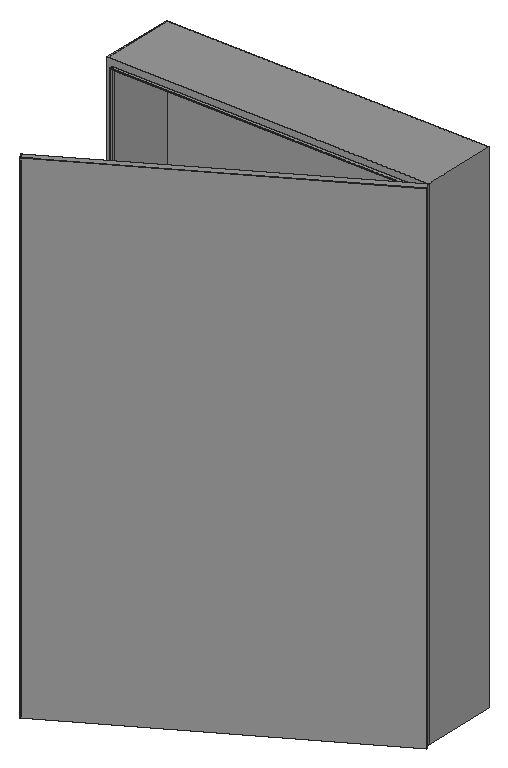
Revit family "Hager-Univers-IP44-D205-H1250-Cl.II-Encl-NoHosted-AT-de", category Equipement électrique, Revit 2020
Family settings
  Configuration du panneau = Deux colonnes, circuits au sein
  Cote de connecteur circulaire = Utiliser le diamètre
  Type d'élément = Tableau de raccordement
  Basée sur le plan de construction = Oui
  Toujours verticalement = Oui
  Couper avec des vides une fois chargée = Non
  Partagée = Non
  Point de calcul de pièce = Non
Parameters (values of type "Aufputz IP44 B800 H1250 T205  - FP83SN2")
  Width Control [instance] = if([EF000008 - Breite] > Min Width, [EF000008 - Breite], Min Width)  # 800 mm
  Commentaires du type = [HG000003 - Bereich]  # "Univers"
  Thickness Door [instance] = if([EF009171 - Materialstärke Tür/Deckel] > 3 mm, 3 mm, [EF009171 - Materialstärke Tür/Deckel])  # 1 mm
  Seal Frame Offset [instance] = 17 mm  # constant formula
  Plinth Visibility [instance] = [HG000027 - Sockelhöhe] > 0 mm  # no
  Min Width [instance] = 100 mm  # constant formula
  Min Depth [instance] = (2 * [EF009170 - Materialstärke Gehäuse]) + 1 mm  # 3 mm
  Min Height [instance] = 100 mm  # constant formula
  Internal Frame Depth [instance] = (Door System Depth * 0.5)  # 9 mm
  Panel Name [instance] = ""  # (empty or 0)
  Model = ""
  HG000027 - Sockelhöhe = 0 mm
  HG000026 - Stehend auf dem Boden = no
  HG000024 - Höhe des unteren Teils = 600 mm
  HG000023 - Gehäuse mit doppeltem Querschnitt = no
  HG000016 - 3D-Türsichtbarkeit [instance] = yes
  HG000015 - Sichtbarkeit der Türöffnung [instance] = no
  HG000014 - Tür rechts [instance] = yes
  HG000013 - Tür links [instance] = not([HG000014 - Tür rechts])  # no
  HG000012 - Türschwenkwinkel [instance] = 30.00°
  HG000010 - Asymmetrische Türen = no
  HG000009 - Doppelflügeligen Tür = no
  HG000006 - Unterputz = no
  HG000004 - Herstellerreferenz = "FP83SN2"
  HG000003 - Bereich = "Univers"
  HG000002 - Mit tür = yes
  Frame Offset Bottom [instance] = 10 mm  # constant formula
  Frame Offset [instance] = 15 mm  # constant formula
  EF015940 - Deckel mit Überdruckentlastung = no
  EF011959 - Schutzart (NEMA) = ""
  EF009554 - Anzahl der Öffnungen für Flanschplatten = 6
  EF009212 - Ausführung Deckel = "EV000116 - geschlossen"
  EF009171 - Materialstärke Tür/Deckel = 1 mm
  EF009170 - Materialstärke Gehäuse = 1 mm
  EF008873 - Nennstrom (In) = 250 A
  EF007800 - Geeignet für Blitzschutz = no
  EF006306 - Mit Schloss = no
  EF006244 - Transparenter Deckel/Tür = no
  EF005474 - Schutzart (IP) = "EV006418 - IP44"
  EF004464 - Art der Tür = "EV002646 - Einzel"
  EF004427 - Anzahl der Module = 288
  EF004293 - Schlagfestigkeit = "EV006815 - IK09"
  EF003532 - Geeignet für Außengebrauch = no
  EF002950 - Breite in Teilungseinheiten = 36
  EF001613 - Funktionserhalt = "EV000494 - ohne"
  EF001596 - Werkstoff des Gehäuses = "EV000179 - Stahl"
  EF001131 - Innentiefe = 130 mm
  EF001088 - Anbaumöglichkeit = yes
  EF000437 - Anzahl der Leitungseinführungen = 6
  EF000339 - Art der Abdeckung = "EV004216 - Tür"
  EF000266 - Anzahl der Reihen = 8
  EF000218 - Einbautiefe = 205 mm
  EF000118 - Mit Montageplatte = no
  EF000116 - RAL-Nummer = "9010"
  EF000049 - Tiefe = 205 mm
  EF000040 - Höhe = 1250 mm
  EF000008 - Breite = 800 mm
  EF000007 - Farbe = "EV000202 - weiß"
  EF000003 - Montageart = "EV000384 - Aufputz"
  Door System Leaf Tolerance [instance] = 1.5 mm  # constant formula
  Door System Depth [instance] = 18 mm  # constant formula
  Door Height [instance] = Height Control - [HG000027 - Sockelhöhe]  # 1250 mm
  Description = ""
  Default Elevation = 1219.2 mm
  Connector Offset [instance] = Height Control / 2  # 625 mm
  Fabricant = "Hager"  # constant formula
  Height Control [instance] = if([EF000040 - Höhe] > Min Height, [EF000040 - Höhe], Min Height)  # 1250 mm
  Depth Control [instance] = if([EF000049 - Tiefe] > Min Depth, [EF000049 - Tiefe], Min Depth)  # 205 mm
  Bottom Top Plate Trim [instance] = 1.5 mm  # constant formula
  Plinth height Ctrl [instance] = if([HG000027 - Sockelhöhe] > 0 mm, [HG000027 - Sockelhöhe], 12 mm)  # 12 mm
Types (5, lengths in mm): name | Width Control | HG000010 - Asymmetrische Türen | HG000009 - Doppelflügeligen Tür | HG000004 - Herstellerreferenz | EF009554 - Anzahl der Öffnungen für Flanschplatten | EF004464 - Art der Tür | EF004427 - Anzahl der Module | EF002950 - Breite in Teilungseinheiten | EF001131 - Innentiefe | EF000437 - Anzahl der Leitungseinführungen | EF000339 - Art der Abdeckung | EF000008 - Breite
  Aufputz IP44 B1050 H1250 T205  - FP84SN2 | 1050 | no | yes | "FP84SN2" | 8 | "EV003602 - Doppel" | 384 | 48 | 130 | 8 | "EV004216 - Tür" | 1050
  Aufputz IP44 B1300 H1250 T205  - FP85SN2 | 1300 | yes | yes | "FP85SN2" | 10 | "EV003602 - Doppel" | 480 | 60 | 130 | 10 | "EV004216 - Tür" | 1300
  Aufputz IP44 B300 H1250 T205  - FP81SN2 | 300 | no | no | "FP81SN2" | 2 | "EV002646 - Einzel" | 96 | 12 | 143 | 2 | "EV001012 - Deckel" | 300
  Aufputz IP44 B550 H1250 T205  - FP82SN2 | 550 | no | no | "FP82SN2" | 4 | "EV002646 - Einzel" | 192 | 24 | 143 | 4 | "EV001012 - Deckel" | 550
  Aufputz IP44 B800 H1250 T205  - FP83SN2 | 800 | no | no | "FP83SN2" | 6 | "EV002646 - Einzel" | 288 | 36 | 130 | 6 | "EV004216 - Tür" | 800
Reference planes
  plane 1 "Center (Front/Back)": y = 0
  plane 2: z = 0
  plane 3 "Center (Left/Right)": x = 0
  plane 4: y = 0
  plane 5: y = 0
  plane 6: z = 0
  plane 7: x = -400
  plane 8: x = 400
  plane 9: x = 399
  plane 10: x = -399
  plane 11: z = 0
  plane 12: z = 1
  plane 13: y = -205
  plane 14: y = -1
  plane 15: x = 0
  plane 16: y = -187
  plane 17: y = -204
  plane 18: y = -186
  plane 19: x = -384
  plane 20: x = 384
  plane 21: z = 11
  plane 22: x = -383
  plane 23: x = 383
  plane 24: z = 0
  plane 25: z = 1250
  plane 26: z = 1250
  plane 27: z = 1234
  plane 28: z = 1249
Forms (mm)
  Extrusion 1, solid, material "Hager_Steel_RAL7035_Light_Grey", detail levels medium+fine
    sketch origin (-208.679, -4572, 0) x (-1, 0, 0) y (0, -1, 0)
      loop
        line (191.321, -4385) -> (-608.679, -4385) -> (-608.679, -4572) -> (191.321, -4572) -> (191.321, -4385)
    from 0 to 1250
  Extrusion 2, void
    sketch origin (-350.771, -205, 1219.2) x (1, 0, 0) y (0, 0, 1)
      loop
        line (-48.229, 29.8) -> (-48.229, -1218.2) -> (749.771, -1218.2) -> (749.771, 29.8) -> (-48.229, 29.8)
    from -19 to -204
  Extrusion 3, void
    sketch origin (-290.084, -187, 1219.2) x (1, 0, 0) y (0, 0, 1)
      loop
        line (-93.916, -1208.2) -> (674.084, -1208.2) -> (674.084, 14.8) -> (-93.916, 14.8) -> (-93.916, -1208.2)
    from 0 to -1
  Extrusion 4, solid, material "Hager_Steel_RAL7035_Light_Grey", visible <- "Plinth Visibility", detail levels medium+fine
    sketch origin (0, 0, 0) x (1, 0, 0) y (0, 1, 0)
      loop
        line (-400, 0) -> (-400, -187) -> (400, -187) -> (400, 0) -> (-400, 0)
    from 0 to 12 <- "Plinth height Ctrl"
  Extrusion 5, solid, material "Hager_Steel_RAL7035_Light_Grey", detail levels coarse
    sketch origin (0, 0, 0) x (1, 0, 0) y (0, 1, 0)
      loop
        line (-400, 0) -> (-400, -205) -> (400, -205) -> (400, 0) -> (-400, 0)
    from 0 to 1250 <- "Height Control"
  Sweep 6, void
    path in 3D
      loop
        line (-400, -187, 12) -> (400, -187, 12) -> (400, 0, 12) -> (-400, 0, 12) -> (-400, -187, 12)
    profile origin (-400, -93.5, 12) x (1, 0, 0) y (0, 0, 1)
      loop
        line (0, 0) -> (0, -1.5) -> (1.5, -1.5)
        arc (1.5, -1.5) -> (1.061, -0.439) -> (0, 0) r 1.5
  Extrusion 7, solid, material "Hager_Steel_RAL7035_Light_Grey", detail levels fine
    sketch origin (-400, -187, 0) x (1, 0, 0) y (0, 0, 1)
      loop
        line (16, 11) -> (784, 11) -> (784, 1234) -> (16, 1234) -> (16, 11)
      loop
        line (15, 10) -> (785, 10) -> (785, 1235) -> (15, 1235) -> (15, 10)
    from 0 to 9 <- "Internal Frame Depth"
Cuts and joins
  Extrusion 2, Extrusion 3 cuts Extrusion 1
  Sweep 6 cuts Extrusion 4
Lines and regions (mm)
  Masking region 1
    outline origin (0, 0, 0) x (1, 0, 0) y (0, 1, 0)
      loop
        line (-400, 0) -> (-400, -205) -> (400, -205) -> (400, 0) -> (-400, 0)
  Masking region 2, detail levels coarse
    outline origin (-290.084, -187, 1219.2) x (-1, 0, 0) y (0, 0, 1)
      loop
        line (-690.084, -1219.2) -> (109.916, -1219.2) -> (109.916, 30.8) -> (-690.084, 30.8) -> (-690.084, -1219.2)
  Masking region 3, detail levels coarse
    outline origin (0, 0, 0) x (0, 1, 0) y (0, 0, 1)
      loop
        line (0, 0) -> (0, 1250) -> (-205, 1250) -> (-205, 0) -> (0, 0)
  Masking region 4, visible <- "Plinth Visibility", detail levels medium+fine
    outline origin (0, 0, 0) x (0, 1, 0) y (0, 0, 1)
      loop
        line (-1.5, 12) -> (-185.5, 12)
        arc (-185.5, 12) -> (-185.939, 10.939) -> (-187, 10.5) r 1.5
        line (-187, 10.5) -> (-187, 0) -> (0, 0) -> (0, 10.5)
        arc (0, 10.5) -> (-1.061, 10.939) -> (-1.5, 12) r 1.5
  Masking region 5, detail levels medium+fine
    outline origin (0, 0, 594.038) x (0, 1, 0) y (0, 0, 1)
      loop
        line (0, -594.038) -> (0, 655.962) -> (-187, 655.962) -> (-187, -594.038) -> (0, -594.038)
  Masking region 6, detail levels medium+fine
    outline origin (-359.7, -187, 1211.883) x (-1, 0, 0) y (0, 0, 1)
      loop
        line (-759.7, -1211.883) -> (40.3, -1211.883) -> (40.3, 38.117) -> (-759.7, 38.117) -> (-759.7, -1211.883)
  Masking region 7, visible <- "Plinth Visibility", detail levels medium+fine
    outline origin (-320.334, -187, 1041.368) x (-1, 0, 0) y (0, 0, 1)
      loop
        line (-720.334, -1041.368) -> (79.666, -1041.368) -> (79.666, -1030.868)
        arc (79.666, -1030.868) -> (78.606, -1030.429) -> (78.166, -1029.368) r 1.5
        line (78.166, -1029.368) -> (-718.834, -1029.368)
        arc (-718.834, -1029.368) -> (-719.273, -1030.429) -> (-720.334, -1030.868) r 1.5
        line (-720.334, -1030.868) -> (-720.334, -1041.368)
  sketch lines
    curve 1: line (-400, 0, 12) -> (-400, -187, 12)
    curve 2: line (-400, -187, 12) -> (400, -187, 12)
    curve 3: line (400, 0, 12) -> (-400, 0, 12)
    curve 4: line (400, -187, 12) -> (400, 0, 12)
Dimensions and locks
  locked: plane 1 "Center (Front/Back)" to plane 5
  "EF009170 - Materialstärke Gehäuse": plane 7 to plane 10
  "EF009170 - Materialstärke Gehäuse": plane 8 to plane 9
  equal spacing: plane 7, plane 3 "Center (Left/Right)", plane 8
  "Width Control": plane 7 to plane 8
  "Depth Control": plane 4 to plane 13
  "EF009170 - Materialstärke Gehäuse": plane 4 to plane 14
  "Height Control": plane 25 to level
  "HG000027 - Sockelhöhe": plane 11 to level
  "EF009170 - Materialstärke Gehäuse": plane 12 to plane 11
  "EF009170 - Materialstärke Gehäuse": plane 17 to plane 13
  "EF009170 - Materialstärke Gehäuse": plane 18 to plane 16
  "Frame Offset Bottom": plane 21 to plane 12
  "Frame Offset": plane 10 to plane 19
  "Frame Offset": plane 9 to plane 20
  "Door System Depth": plane 16 to plane 13
  "Seal Frame Offset": plane 7 to plane 22
  "Seal Frame Offset": plane 8 to plane 23
  "EF009170 - Materialstärke Gehäuse": plane 26 to plane 28
  "Frame Offset": plane 28 to plane 27
  "Connector Offset": plane 2 to connector elem
  "Bottom Top Plate Trim": profile plane to Sweep 6 sketch curve
  "Bottom Top Plate Trim": Sweep 6 sketch curve to Sweep 6 sketch curve
  "Plinth height Ctrl": Masking region 4 sketch curve to level
  "Plinth height Ctrl": Masking region 7 sketch curve to level
  "Thickness Door": Extrusion 7 sketch curve to Extrusion 7 sketch curve  (x4)
  "Bottom Top Plate Trim": radius of Sweep 6 sketch curve
  "Bottom Top Plate Trim": radius of Masking region 4 sketch curve  (x2)
  "Bottom Top Plate Trim": radius of Masking region 7 sketch curve  (x2)
  aligned and locked: Extrusion 2 sketch curve to plane 12
  aligned and locked: Extrusion 2 sketch curve to plane 9
  aligned and locked: Extrusion 2 sketch curve to plane 10
  aligned and locked: Extrusion 2 to plane 14
  aligned and locked: Extrusion 1 sketch curve to plane 4
  aligned and locked: plane 8 to Extrusion 1 sketch curve
  aligned and locked: plane 7 to Extrusion 1 sketch curve
  aligned and locked: Extrusion 2 to plane 18
  aligned and locked: Extrusion 3 sketch curve to plane 19
  aligned and locked: plane 20 to Extrusion 3 sketch curve
  aligned and locked: Extrusion 3 to Extrusion 2
  aligned and locked: Extrusion 3 sketch curve to plane 21
  aligned and locked: plane 3 "Center (Left/Right)" to nested 1
  aligned and locked: Extrusion 1 sketch curve to plane 16
  aligned and locked: Extrusion 4 sketch curve to cut or joined group of Extrusion 1, Extrusion 2, Extrusion 3
  aligned and locked: Masking region 1 sketch curve to plane 7
  aligned and locked: Masking region 1 sketch curve to plane 5
  aligned and locked: Masking region 1 sketch curve to plane 8
  aligned and locked: Masking region 2 sketch curve to level
  aligned and locked: level to Masking region 3 sketch curve
  aligned and locked: plane 1 "Center (Front/Back)" to Masking region 3 sketch curve
  aligned and locked: plane 13 to Masking region 3 sketch curve
  aligned and locked: plane 5 to Masking region 4 sketch curve
  aligned and locked: Masking region 2 sketch curve to plane 8
  aligned and locked: Masking region 2 sketch curve to plane 7
  aligned and locked: plane 7 to nested 2
  aligned and locked: nested 2 to plane 5
  aligned and locked: plane 5 to Masking region 5 sketch curve
  aligned and locked: plane 26 to Masking region 5 sketch curve
  aligned and locked: Extrusion 5 sketch curve to plane 8
  aligned and locked: Extrusion 5 sketch curve to plane 7
  aligned and locked: Extrusion 5 sketch curve to plane 5
  aligned and locked: Extrusion 3 sketch curve to plane 27
  aligned and locked: Extrusion 2 sketch curve to plane 28
  aligned and locked: Masking region 2 to plane 25
  aligned and locked: Extrusion 4 to plane 16
  aligned and locked: profile plane to Sweep 6 sketch curve
  aligned and locked: Masking region 5 sketch curve to plane 24
  aligned and locked: level to Masking region 4 sketch curve
  aligned and locked: Masking region 1 to plane 13
  aligned and locked: nested 1 to plane 16
  aligned and locked: Masking region 3 to plane 25
  aligned and locked: plane 16 to Masking region 4 sketch curve
  aligned and locked: Masking region 5 sketch curve to plane 16
  aligned and locked: plane 24 to plane 11
  aligned and locked: plane 26 to plane 25
  aligned and locked: plane 26 to cut or joined group of Extrusion 1, Extrusion 2, Extrusion 3
  aligned and locked: nested 1 to plane 24
  aligned and locked: Extrusion 1 to Extrusion 3
  aligned and locked: Masking region 6 sketch curve to plane 8
  aligned and locked: Masking region 6 sketch curve to plane 24
  aligned and locked: Masking region 6 sketch curve to plane 7
  aligned and locked: Masking region 6 sketch curve to plane 26
  aligned and locked: Masking region 7 sketch curve to plane 7
  aligned and locked: level to Masking region 7 sketch curve
  aligned and locked: Masking region 7 sketch curve to plane 8
  aligned and locked: Extrusion 7 sketch curve to cut or joined group of Extrusion 1, Extrusion 2, Extrusion 3  (x4)
Automatic sketch dimensions
  plane 19 to Extrusion 3 sketch curve = 0 mm
  Extrusion 3 sketch curve to plane 20 = 0 mm
  Extrusion 3 sketch curve to plane 21 = 0 mm
  Extrusion 4 sketch curve to plane 7 = 0 mm
  Extrusion 4 sketch curve to plane 8 = 0 mm
  Extrusion 4 sketch curve to plane 16 = 0 mm
  Masking region 1 sketch curve to plane 13 = 0 mm
  Masking region 2 sketch curve to plane 25 = 0 mm
  Masking region 3 sketch curve to plane 25 = 0 mm
  Extrusion 5 sketch curve to plane 13 = 0 mm
  profile plane to Sweep 6 sketch curve = 0 mm
Nested families
  nested 1: "EC000058_Univers_Door" at (0, -187, 0), Double <- "HG000009 - Doppelflügeligen Tür", Transparent <- "EF006244 - Transparenter Deckel/Tür", Angle <- "HG000012 - Türschwenkwinkel", Door_Right <- "HG000014 - Tür rechts", Assymetrical <- "HG000010 - Asymmetrische Türen", Door <- "HG000002 - Mit tür", Width_Ctrl <- "Width Control", 3d_Door <- "HG000016 - 3D-Türsichtbarkeit", Clearance <- "HG000015 - Sichtbarkeit der Türöffnung", Door_Left <- "HG000013 - Tür links", Width <- "Width Control", Door_Depth <- "Door System Depth", Leaf_Tolerance <- "Door System Leaf Tolerance", Height <- "Door Height", Lock_Visibility <- "EF006306 - Mit Schloss", Thickness <- "Thickness Door", type "EC000058_Univers_Door", detail levels medium+fine
    with min_wh 3 mm, Width_Ctrl 800 mm, Width 800 mm, Transparent no, Thickness 1 mm, Seal_Material Hager_Rubber, Lock_Visibility no, Lock_Material Hager_Plastic_RAL9005_Jet_Black, Leaf_Width 800 mm, Leaf_Tolerance_External_Sides 0 mm, Leaf_Tolerance 1.5 mm, Leaf_Offset 0 mm, Leaf_Height 1247 mm, Leaf_2_Width 800 mm, Leaf_2_Offset 400 mm, Leaf_1_Width 800 mm, Leaf_1_Offset 400 mm, Height_Ctrl 1250 mm, Height 1250 mm, Glass_Material Hager_Glass, Double_Clearance_Ctrl no, Double no, Door_Right_Ctrl yes, Door_Right yes, Door_Material Hager_Steel_RAL7035_Light_Grey, Door_Left_Ctrl no, Door_Left no, Door_Depth 18 mm, Door yes, Clearance_Material Hager_Clearance, Clearance_Depth 800 mm, Clearance_Ctrl no, Clearance no, Assymetrical no, Angle 30.00°, 3d_Door yes
  nested 2: "Hager_Enclosure_Symbol" at (-400, 0, 0), Height <- "Depth Control", Width <- "Width Control", type "Hager_Enclosure_Symbol"
    with Width_Ctrl 800 mm, Width 800 mm, Height_Ctrl 205 mm, Height 205 mm, A_Width_Int 13.453 mm, A_Width 161.438 mm, A_Height_Ctrl 179.375 mm, A_Height 179.375 mm
Connectors
  electrical at (0, 0, 625)
    settings: on plane 1 "Center (Front/Back)", index 1, voltage 0 V, apparent load 0 VA, apparent load phase1 0 VA, apparent load phase2 0 VA, apparent load phase3 0 VA, power factor 1, load classification "Other", number of poles 1, system type 30, power factor state 1, is connector primary yes, connector utility no, sub classification motor no, connector description ""
Definition of nested family "EC000058_Univers_Door"
  Parameters (values of type "EC000058_Univers_Door")
    min_wh [instance] = (2 * Thickness) + 1 mm  # 11 mm
    Width_Ctrl [instance] = 400 mm
    Width [instance] = 500 mm
    Transparent [instance] = yes
    Thickness [instance] = 5 mm
    Seal_Material [instance] = none
    Lock_Visibility [instance] = yes
    Lock_Material [instance] = none
    Leaf_Width [instance] = if((Width_Ctrl - 2 * Leaf_Tolerance_External_Sides) > 0 mm, (Width_Ctrl - 2 * Leaf_Tolerance_External_Sides), min_wh)  # 400 mm
    Leaf_Tolerance_External_Sides [instance] = 0 mm  # constant formula
    Leaf_Tolerance [instance] = 1.5 mm
    Leaf_Offset [instance] = 0 mm  # constant formula
    Leaf_Height [instance] = if((Height_Ctrl - 2 * Leaf_Tolerance) > 0 mm, (Height_Ctrl - 2 * Leaf_Tolerance), min_wh)  # 497 mm
    Leaf_2_Width [instance] = if(and(and(Double, Assymetrical), Door_Left), (Leaf_Width / 3) - (Leaf_Tolerance / 2), if(and(and(Double, Assymetrical), Door_Right), (Leaf_Width / 3) * 2 - (Leaf_Tolerance / 2), if(and(Double, not(Assymetrical)), (Leaf_Width / 2) - Leaf_Tolerance, Leaf_Width)))  # 400 mm
    Leaf_2_Offset [instance] = if(and(Double, Assymetrical), Leaf_2_Width / 2, if(and(Double, not(Assymetrical)), Leaf_Width / 4, Leaf_Width / 2))  # 200 mm
    Leaf_1_Width [instance] = if(and(and(Double, Assymetrical), Door_Right), (Leaf_Width / 3) - (Leaf_Tolerance / 2), if(and(and(Double, Assymetrical), Door_Left), (Width / 3) * 2 - (Leaf_Tolerance / 2), if(and(Double, not(Assymetrical)), (Leaf_Width / 2) - Leaf_Tolerance, Leaf_Width)))  # 400 mm
    Leaf_1_Offset [instance] = if(and(Double, Assymetrical), Leaf_1_Width / 2, if(and(Double, not(Assymetrical)), Leaf_Width / 4, Leaf_Width / 2))  # 200 mm
    Height_Ctrl [instance] = if(Height > min_wh, Height, min_wh)  # 500 mm
    Height [instance] = 500 mm
    Glass_Material [instance] = none
    Double_Clearance_Ctrl [instance] = and(Double, Clearance)  # no
    Double [instance] = no
    Door_Right_Ctrl [instance] = and(or(Door_Right, Double), Door)  # yes
    Door_Right [instance] = yes
    Door_Material [instance] = none
    Door_Left_Ctrl [instance] = and(or(Door_Left, Double), Door)  # no
    Door_Left [instance] = no
    Door_Depth [instance] = 30 mm
    Door [instance] = yes
    Default Elevation = 1219.2 mm
    Clearance_Material [instance] = none
    Clearance_Depth [instance] = if(Leaf_1_Width > Leaf_2_Width, Leaf_1_Width, Leaf_2_Width)  # 400 mm
    Clearance_Ctrl [instance] = and(not(Double), Clearance)  # yes
    Clearance [instance] = yes
    Assymetrical [instance] = yes
    Angle [instance] = 30.00°
    3d_Door [instance] = yes
  Reference planes
    plane 1 "Center (Front/Back)": y = 0
    plane 2 "Bottom": z = 0
    plane 3 "Center (Left/Right)": x = 0
    plane 4: z = 500
    plane 5: x = -200
    plane 6: x = 200
    plane 7: z = 500
    plane 8: x = -200
    plane 9: z = 0
    plane 10: x = 200
    plane 11: y = 0
    plane 12: z = 1.5
    plane 13: x = -600
    plane 14: y = -400
    plane 15: x = 600
    plane 16: x = 0
    plane 17: x = 0
    plane 18: x = -200
    plane 19: x = 200
    plane 20: z = 498.5
  Forms (mm)
    Extrusion 1, solid, material <- "Clearance_Material", visible <- "Double_Clearance_Ctrl"
      sketch origin (1200, 0, 0) x (1, 0, 0) y (0, 0, -1)
        loop
          line (-1800, -498.5) -> (-600, -498.5) -> (-600, 0) -> (-1800, 0) -> (-1800, -498.5)
      from 0 to -400
  Dimensions and locks
    equal spacing: plane 5, plane 3 "Center (Left/Right)", plane 6
    "Width_Ctrl": plane 5 to plane 6
    "Leaf_Offset": plane 5 to plane 8
    "Leaf_Offset": plane 6 to plane 10
    "Leaf_Offset": plane 9 to level
    "Leaf_Offset": plane 4 to plane 7
    "Height_Ctrl": plane 4 to level
    "Leaf_Tolerance": plane 12 to plane 9
    locked: plane 11 to plane 1 "Center (Front/Back)"
    "Leaf_1_Offset": plane 18 to plane 16
    "Leaf_2_Offset": plane 17 to plane 19
    "Leaf_1_Width": plane 13 to plane 8
    "Leaf_2_Width": plane 10 to plane 15
    "Clearance_Depth": plane 14 to plane 1 "Center (Front/Back)"
    "Leaf_Tolerance_External_Sides": plane 8 to plane 18
    "Leaf_Tolerance_External_Sides": plane 19 to plane 10
    "Leaf_Tolerance": plane 7 to plane 20
    aligned and locked: level to plane 2 "Bottom"
    aligned and locked: nested 1 to plane 16
    aligned and locked: nested 2 to plane 17
    aligned and locked: Extrusion 1 to plane 13
    aligned and locked: plane 15 to Extrusion 1
    aligned and locked: Extrusion 1 to plane 14
    aligned and locked: plane 12 to nested 1
    aligned and locked: nested 2 to plane 12
    aligned and locked: Extrusion 1 to plane 11
    aligned and locked: plane 20 to Extrusion 1
    aligned and locked: nested 2 to plane 11
    aligned and locked: nested 1 to plane 11
  Automatic sketch dimensions
    Extrusion 1 sketch curve to level = 0 mm
    plane 5 to Extrusion 1 sketch curve = 400 mm
    plane 6 to Extrusion 1 sketch curve = 400 mm
    Extrusion 1 sketch curve to plane 4 = 1.5 mm
  Nested families
    nested 1: "EC000058_Univers_Door_Leaf" at (0, 0, 1.5), Width <- "Leaf_1_Width", visible <- "Door_Left_Ctrl", Leaf_Height <- "Leaf_Height", Angle <- "Angle", 3d_Door <- "3d_Door", Transparent <- "Transparent", Clearance Material <- "Clearance_Material", Clearance <- "Clearance_Ctrl", Door_Material <- "Door_Material", Glass_Material <- "Glass_Material", Door_Depth <- "Door_Depth", Lock_Material <- "Lock_Material", Seal_Material <- "Seal_Material", Lock_Visibility <- "Lock_Visibility", Thickness <- "Thickness", type "EC000058_Univers_Door_Leaf"
      with Width 400 mm, Transparent_Glass_Offset 30 mm, Transparent_Ctrl yes, Transparent yes, Thickness 5 mm, Standard no, Seal_Material none, Seal_D2 8 mm, Seal_D1 1 mm, Offset_Internal_Frame 10 mm, Lock_Width 20 mm, Lock_Visibility_3d yes, Lock_Visibility yes, Lock_Thickness_3 3 mm, Lock_Thickness_2 1 mm, Lock_Thickness_1 3 mm, Lock_Radius_Offset_2 16 mm, Lock_Radius_Offset_1 15 mm, Lock_Radius_2 5 mm, Lock_Radius 6 mm, Lock_Offset 5 mm, Lock_Material none, Lock_Height 80 mm, Lock_Cover_Top_Offset_2d 17 mm, Lock_Cover_Height -65 mm, Leaf_Height 497 mm, Internal_Seal_Thickness 8 mm, Internal_Seal_Depth_2 4.5 mm, Internal_Frame_Depth 25 mm, Glass_Thickness -1 mm, Glass_Offset -2 mm, Glass_Material none, Door_Material none, Door_Depth 30 mm, Clearance Material none, Clearance yes, Angle_Ctrl 30.00°, Angle 30.00°, 3d_Door yes
    nested 2: "EC000058_Univers_Door_Leaf" at (0, 0, 1.5) x (-1, 0, 0) z (0, 0, 1), Width <- "Leaf_2_Width", visible <- "Door_Right_Ctrl", Leaf_Height <- "Leaf_Height", Angle <- "Angle", 3d_Door <- "3d_Door", Transparent <- "Transparent", Clearance Material <- "Clearance_Material", Clearance <- "Clearance_Ctrl", Door_Material <- "Door_Material", Glass_Material <- "Glass_Material", Door_Depth <- "Door_Depth", Lock_Material <- "Lock_Material", Seal_Material <- "Seal_Material", Lock_Visibility <- "Lock_Visibility", Thickness <- "Thickness", type "EC000058_Univers_Door_Leaf"
      with Width 400 mm, Transparent_Glass_Offset 30 mm, Transparent_Ctrl yes, Transparent yes, Thickness 5 mm, Standard no, Seal_Material none, Seal_D2 8 mm, Seal_D1 1 mm, Offset_Internal_Frame 10 mm, Lock_Width 20 mm, Lock_Visibility_3d yes, Lock_Visibility yes, Lock_Thickness_3 3 mm, Lock_Thickness_2 1 mm, Lock_Thickness_1 3 mm, Lock_Radius_Offset_2 16 mm, Lock_Radius_Offset_1 15 mm, Lock_Radius_2 5 mm, Lock_Radius 6 mm, Lock_Offset 5 mm, Lock_Material none, Lock_Height 80 mm, Lock_Cover_Top_Offset_2d 17 mm, Lock_Cover_Height -65 mm, Leaf_Height 497 mm, Internal_Seal_Thickness 8 mm, Internal_Seal_Depth_2 4.5 mm, Internal_Frame_Depth 25 mm, Glass_Thickness -1 mm, Glass_Offset -2 mm, Glass_Material none, Door_Material none, Door_Depth 30 mm, Clearance Material none, Clearance yes, Angle_Ctrl 30.00°, Angle 30.00°, 3d_Door yes
  Definition of nested family "EC000058_Univers_Door_Leaf"
    Parameters (values of type "EC000058_Univers_Door_Leaf")
      Width [instance] = 2000 mm
      Transparent_Glass_Offset [instance] = 30 mm
      Transparent_Ctrl [instance] = and(Transparent, [3d_Door])  # yes
      Transparent [instance] = yes
      Thickness [instance] = 5 mm
      Standard [instance] = and(not(Transparent), [3d_Door])  # no
      Seal_Material [instance] = none
      Seal_D2 [instance] = 8 mm  # constant formula
      Seal_D1 [instance] = 1 mm  # constant formula
      Offset_Internal_Frame [instance] = 10 mm  # constant formula
      Lock_Width [instance] = 20 mm  # constant formula
      Lock_Visibility_3d [instance] = and(Lock_Visibility, [3d_Door])  # yes
      Lock_Visibility [instance] = yes
      Lock_Thickness_3 [instance] = 3 mm  # constant formula
      Lock_Thickness_2 [instance] = 1 mm  # constant formula
      Lock_Thickness_1 [instance] = 3 mm  # constant formula
      Lock_Radius_Offset_2 [instance] = Lock_Radius_Offset_1 + 1 mm  # 16 mm
      Lock_Radius_Offset_1 [instance] = 15 mm  # constant formula
      Lock_Radius_2 [instance] = Lock_Radius - 1 mm  # 5 mm
      Lock_Radius [instance] = 6 mm  # constant formula
      Lock_Offset [instance] = 5 mm  # constant formula
      Lock_Material [instance] = none
      Lock_Height [instance] = 80 mm  # constant formula
      Lock_Cover_Top_Offset_2d [instance] = Lock_Radius_Offset_2 + 1 mm  # 17 mm
      Lock_Cover_Height [instance] = -(Lock_Height - Lock_Radius_Offset_1)  # -65 mm
      Leaf_Height [instance] = 2720.336 mm
      Internal_Seal_Thickness [instance] = 8 mm  # constant formula
      Internal_Seal_Depth_2 [instance] = 4.5 mm  # constant formula
      Internal_Frame_Depth [instance] = if(Door_Depth - Thickness > 5 mm, Door_Depth - Thickness, 5 mm)  # 25 mm
      Glass_Thickness [instance] = if(Thickness > 15 mm, Glass_Offset + 10 mm, -1 mm)  # -1 mm
      Glass_Offset [instance] = if(Thickness > 15 mm, -(Thickness + 10 mm) / 2, -2 mm)  # -2 mm
      Glass_Material [instance] = none
      Door_Material [instance] = none
      Door_Depth [instance] = 30 mm
      Default Elevation = 0 mm
      Clearance Material [instance] = none
      Clearance [instance] = yes
      Angle_Ctrl [instance] = if(Angle > 180.00°, 180.00°, Angle)  # 90.00°
      Angle [instance] = 90.00°
      3d_Door [instance] = yes
    Reference planes
      plane 1 "Center (Front/Back)": y = 0
      plane 2: z = 0
      plane 3 "Center (Left/Right)": x = 0
      plane 4: y = 2000
      plane 5: x = -1000
      plane 6: x = 1000
      plane 7: x = -3000
      plane 8: z = 2720.336
      plane 9: z = 30
      plane 10: z = 2690.336
      plane 11: x = 970
      plane 12: x = -970
      plane 13: y = -3
      plane 14: z = 107.833
      plane 15: y = -5
      plane 16: y = -223.314
      plane 17: x = -1000
      plane 18: z = 1360.168
      plane 19: y = 30
    Forms (mm)
      Extrusion 1, solid, material <- "Clearance Material", visible <- "Clearance"
        sketch origin (0, 0, 0) x (1, 0, 0) y (0, 0, 1)
          loop
            line (-3000, 2720.336) -> (-3000, 0) -> (1000, 0) -> (1000, 2720.336) -> (-3000, 2720.336)
        from 0 to -2000
      Extrusion 2, solid, material <- "Door_Material", visible <- "Standard", detail levels medium+fine
        sketch origin (-1000, 0, 0) x (0, 1, 0) y (-1, 0, 0)
          loop
            line (0, 30) -> (0, 25) -> (2000, 25) -> (2000, 30) -> (0, 30)
        from 0 to 2720.336 <- "Leaf_Height"
      Extrusion 3, solid, material <- "Door_Material", visible <- "Transparent_Ctrl", detail levels medium+fine
        sketch origin (-1000, 0, 0) x (0, 1, 0) y (-1, 0, 0)
          loop
            line (0, 25) -> (2000, 25) -> (2000, 30) -> (0, 30) -> (0, 25)
        from 0 to 2720.336 <- "Leaf_Height"
      Extrusion 4, void
        sketch origin (-1025, 2000, 0) x (0, 1, 0) y (0, 0, -1)
          loop
            line (-30, -2690.336) -> (-30, -30) -> (-1970, -30) -> (-1970, -2690.336) -> (-30, -2690.336)
        from 0 to 5 <- "Thickness"
      Sweep 5, solid, material <- "Seal_Material", visible <- "Transparent_Ctrl", detail levels fine
        path in 3D
          loop
            line (-1025, 30, 30) -> (-1025, 30, 2690.336) -> (-1025, 1970, 2690.336) -> (-1025, 1970, 30) -> (-1025, 30, 30)
        profile origin (-1025, 1000, 30) x (1, 0, 0) y (0, 0, 1)
          loop
            line (0, 0) -> (0, -8) -> (1, -8) -> (1, 0) -> (0, 0)
      Extrusion 6, solid, material <- "Glass_Material", visible <- "Transparent_Ctrl", detail levels medium+fine
        sketch origin (-1030, 0, 0) x (0, 1, 0) y (0, 0, -1)
          loop
            line (1970, -2690.336) -> (1970, -30) -> (30, -30) -> (30, -2690.336) -> (1970, -2690.336)
        from -2 <- "Glass_Offset" to -1 <- "Glass_Thickness"
      Extrusion 7, solid, material <- "Door_Material", visible <- "3d_Door", detail levels medium+fine
        sketch origin (-1025, 2000, 0) x (0, -1, 0) y (0, 0, -1)
          loop
            line (0, -2720.336) -> (2000, -2720.336) -> (2000, 0) -> (0, 0) -> (0, -2720.336)
          loop
            line (1995, -5) -> (5, -5) -> (5, -2715.336) -> (1995, -2715.336) -> (1995, -5)
        from 0 to 25 <- "Internal_Frame_Depth"
      Sweep 8, solid, material <- "Seal_Material", visible <- "Transparent_Ctrl", detail levels fine
        path in 3D
          loop
            line (-1025, 0, 0) -> (-1025, 2000, 0) -> (-1025, 2000, 2720.336) -> (-1025, 0, 2720.336) -> (-1025, 0, 0)
        profile origin (-1025, 0, 1360.168) x (1, 0, 0) y (0, 1, 0)
          loop
            line (0, 10) -> (2.975, 10)
            arc (2.975, 10) -> (4.053, 10.447) -> (4.5, 11.525) r 1.525
            line (4.5, 11.525) -> (4.5, 16.527)
            arc (4.5, 16.527) -> (4.069, 17.569) -> (3.027, 18) r 1.473
            line (3.027, 18) -> (0, 18) -> (0, 10)
      Extrusion 9, solid, material <- "Lock_Material", visible <- "Lock_Visibility_3d", detail levels fine
        sketch origin (-1030, 0, 0) x (0, 1, 0) y (0, 0, -1)
          loop
            arc (1993.5, -1400.168) -> (1994.561, -1399.729) -> (1995, -1398.668) r 1.5
            line (1995, -1398.668) -> (1995, -1320.168) -> (1975, -1320.168) -> (1975, -1398.668)
            arc (1975, -1398.668) -> (1975.439, -1399.729) -> (1976.5, -1400.168) r 1.5
            line (1976.5, -1400.168) -> (1993.5, -1400.168)
        from 3 <- "Lock_Thickness_1" to 0
      Blend 10, solid, material <- "Lock_Material", visible <- "Lock_Visibility_3d", detail levels fine
        base sketch origin (-1033, 0, 0) x (0, 1, 0) y (0, 0, -1)
          loop
            line (1975, -1320.168) -> (1975, -1398.668)
            arc (1975, -1398.668) -> (1975.439, -1399.729) -> (1976.5, -1400.168) r 1.5
            line (1976.5, -1400.168) -> (1993.5, -1400.168)
            arc (1993.5, -1400.168) -> (1994.561, -1399.729) -> (1995, -1398.668) r 1.5
            line (1995, -1398.668) -> (1995, -1320.168) -> (1975, -1320.168)
        top sketch origin (-1033, 0, 0) x (0, 1, 0) y (0, 0, -1)
          loop
            line (1976, -1320.168) -> (1976, -1398.668)
            arc (1976, -1398.668) -> (1976.146, -1399.022) -> (1976.5, -1399.168) r 0.5
            line (1976.5, -1399.168) -> (1993.5, -1399.168)
            arc (1993.5, -1399.168) -> (1993.854, -1399.022) -> (1994, -1398.668) r 0.5
            line (1994, -1398.668) -> (1994, -1320.168) -> (1976, -1320.168)
        from 0 to 1 <- "Lock_Thickness_2"
      Blend 11, solid, material <- "Lock_Material", visible <- "Lock_Visibility_3d", detail levels fine
        base sketch origin (-1034, 0, 0) x (0, 1, 0) y (0, 0, -1)
          loop
            line (1978, -1320.168) -> (1978, -1384.168)
            arc (1978, -1384.168) -> (1985, -1391.168) -> (1992, -1384.168) r 7
            line (1992, -1384.168) -> (1992, -1320.168) -> (1978, -1320.168)
        top sketch origin (-1034, 0, 0) x (0, 1, 0) y (0, 0, -1)
          loop
            line (1991, -1320.168) -> (1979, -1320.168) -> (1979, -1383.168)
            arc (1979, -1383.168) -> (1985, -1389.168) -> (1991, -1383.168) r 6
            line (1991, -1383.168) -> (1991, -1320.168)
        from 0 to 3 <- "Lock_Thickness_3"
      Extrusion 12, solid, material <- "Lock_Material", visible <- "Lock_Visibility_3d", detail levels fine
        sketch origin (-1030, 1975, 1320.168) x (1, 0, 0) y (0, -1, 0)
          loop
            line (-7, -19) -> (-7, -1) -> (0, -1) -> (0, 0) -> (-8, 0) -> (-8, -20) -> (0, -20) -> (0, -19) -> (-7, -19)
        from 0 to -65 <- "Lock_Cover_Height"
      Extrusion 13, void
        sketch origin (-1038, 1995, 1320.168) x (-1, 0, 0) y (0, 0, -1)
          loop
            line (-5, -65) -> (0, -65) -> (-5, -60) -> (-5, -65)
        from 0 to 20 <- "Lock_Width"
      Extrusion 14, void
        sketch origin (-1038, 1975, 1320.168) x (0, -1, 0) y (0, 0, -1)
          loop
            circle (-10, -15.995) r 6
          loop
            circle (-10, -15.995) r 5
        from 0 to 2
      Extrusion 15, solid, material <- "Lock_Material", visible <- "Lock_Visibility_3d", detail levels medium
        sketch origin (-1030, 0, 0) x (0, 1, 0) y (0, 0, -1)
          loop
            arc (1993.5, -1400.168) -> (1994.561, -1399.729) -> (1995, -1398.668) r 1.5
            line (1995, -1398.668) -> (1995, -1320.168) -> (1975, -1320.168) -> (1975, -1398.668)
            arc (1975, -1398.668) -> (1975.439, -1399.729) -> (1976.5, -1400.168) r 1.5
            line (1976.5, -1400.168) -> (1993.5, -1400.168)
        from 8 to 0
    Cuts and joins
      Extrusion 4 cuts Extrusion 3
      Extrusion 13, Extrusion 14 cuts Extrusion 9
      Extrusion 14 cuts Blend 11
      Extrusion 13, Extrusion 14 cuts Extrusion 12
      joined: Extrusion 9, Blend 10, Blend 11, Extrusion 12
      Extrusion 14 cuts Extrusion 15
    Lines and regions (mm)
      Masking region 1, visible <- "Lock_Visibility", detail levels fine
        outline origin (0, 0, 0) x (0, 1, 0) y (0, 0, 1)
          loop
            line (30, 1320.168) -> (33, 1320.168) -> (33, 1400.168) -> (30, 1400.168) -> (30, 1320.168)
      Masking region 2, visible <- "Lock_Visibility", detail levels fine
        outline origin (0, 3.143, 0) x (0, 1, 0) y (0, 0, 1)
          loop
            line (29.857, 1354.168) -> (30.857, 1354.168) -> (30.857, 1366.168) -> (29.857, 1366.168) -> (29.857, 1354.168)
      Masking region 3, detail levels medium+fine
        outline origin (0, 0, 0) x (0, 1, 0) y (0, 0, 1)
          loop
            line (0, 0) -> (30, 0) -> (30, 2720.336) -> (0, 2720.336) -> (0, 0)
      Masking region 4, detail levels medium+fine
        outline origin (0, 0, 0) x (1, 0, 0) y (0, 0, 1)
          loop
            line (-1000, 2720.336) -> (-1000, 0) -> (1000, 0) -> (1000, 2720.336) -> (-1000, 2720.336)
      Masking region 5, visible <- "Lock_Visibility", detail levels fine
        outline origin (-47.116, 0, 0) x (1, 0, 0) y (0, 0, 1)
          loop
            arc (1024.616, 1399.168) -> (1023.556, 1398.729) -> (1023.116, 1397.668) r 1.5
            line (1023.116, 1397.668) -> (1023.116, 1320.168) -> (1041.116, 1320.168) -> (1041.116, 1397.668)
            arc (1041.116, 1397.668) -> (1040.677, 1398.729) -> (1039.616, 1399.168) r 1.5
            line (1039.616, 1399.168) -> (1024.616, 1399.168)
      Masking region 6, visible <- "Lock_Visibility", detail levels medium+fine
        outline origin (-25, 0, 0) x (1, 0, 0) y (0, 0, 1)
          loop
            arc (1001.5, 1400.168) -> (1000.439, 1399.729) -> (1000, 1398.668) r 1.5
            line (1000, 1398.668) -> (1000, 1320.168) -> (1020, 1320.168) -> (1020, 1398.668)
            arc (1020, 1398.668) -> (1019.561, 1399.729) -> (1018.5, 1400.168) r 1.5
            line (1018.5, 1400.168) -> (1001.5, 1400.168)
      Masking region 7, visible <- "Lock_Visibility", detail levels fine
        outline origin (-73.735, 0, 0) x (1, 0, 0) y (0, 0, 1)
          loop
            line (1051.735, 1382.168) -> (1065.735, 1382.168) -> (1065.735, 1384.168)
            arc (1065.735, 1384.168) -> (1058.735, 1391.168) -> (1051.735, 1384.168) r 7
            line (1051.735, 1384.168) -> (1051.735, 1382.168)
      Masking region 8, visible <- "Lock_Visibility", detail levels fine
        outline origin (-73.735, 0, 0) x (1, 0, 0) y (0, 0, 1)
          loop
            line (1052.735, 1382.168) -> (1064.735, 1382.168) -> (1064.735, 1383.168)
            arc (1064.735, 1383.168) -> (1058.735, 1389.168) -> (1052.735, 1383.168) r 6
            line (1052.735, 1383.168) -> (1052.735, 1382.168)
      Masking region 9, visible <- "Lock_Visibility", detail levels fine
        outline origin (-25, 0, 0) x (1, 0, 0) y (0, 0, 1)
          loop
            line (1020, 1320.168) -> (1020, 1382.168) -> (1000, 1382.168) -> (1000, 1320.168) -> (1020, 1320.168)
      Masking region 10, detail levels medium+fine
        outline origin (0, 0, 0) x (1, 0, 0) y (0, 0, 1)
          loop
            circle (985, 1335.144) r 6
      Masking region 11, detail levels fine
        outline origin (0, 0, 0) x (1, 0, 0) y (0, 0, 1)
          loop
            circle (985, 1335.144) r 5
      Masking region 12, visible <- "Lock_Visibility", detail levels fine
        outline origin (0, 12.767, 0) x (0, 1, 0) y (0, 0, 1)
          loop
            line (20.233, 1320.168) -> (21.233, 1320.168) -> (21.233, 1399.168) -> (20.233, 1400.168) -> (20.233, 1320.168)
      Masking region 13, visible <- "Lock_Visibility", detail levels fine
        outline origin (0, 13.767, -10) x (0, 1, 0) y (0, 0, 1)
          loop
            line (20.233, 1330.168) -> (23.233, 1330.168) -> (23.233, 1399.168) -> (20.233, 1402.168) -> (20.233, 1330.168)
      Masking region 14, visible <- "Lock_Visibility", detail levels fine
        outline origin (0, 12.767, -10) x (0, 1, 0) y (0, 0, 1)
          loop
            line (20.233, 1330.168) -> (25.233, 1330.168) -> (25.233, 1399.305) -> (20.233, 1394.305) -> (20.233, 1330.168)
      Masking region 15, visible <- "Lock_Visibility", detail levels medium
        outline origin (0, 0, 0) x (0, 1, 0) y (0, 0, 1)
          loop
            line (30, 1320.168) -> (38, 1320.168) -> (38, 1400.168) -> (30, 1400.168) -> (30, 1320.168)
      Masking region 16, visible <- "Lock_Visibility", detail levels fine
        outline origin (-1000, 0, 0) x (0, 1, 0) y (-1, 0, 0)
          loop
            line (1975, 30) -> (1995, 30) -> (1995, 38) -> (1975, 38) -> (1975, 30)
          loop
            line (1979, 37) -> (1976, 37) -> (1976, 34) -> (1978, 34) -> (1979, 37)
          loop
            line (1994, 37) -> (1991, 37) -> (1992, 34) -> (1994, 34) -> (1994, 37)
      Masking region 17, visible <- "Lock_Visibility", detail levels medium
        outline origin (-1000, 0, 0) x (0, 1, 0) y (-1, 0, 0)
          loop
            line (1975, 30) -> (1995, 30) -> (1995, 38) -> (1975, 38) -> (1975, 30)
      symbolic lines
        curve 1: line (1000, 0, 0) -> (-3000, 0, 0)
        curve 2: arc (1000, 0, 0) -> (-1000, 2000, 0) -> (-3000, 0, 0) r 2000
        curve 4: line (-1030, 0, 0) -> (-1030, 2000, 0)
      reference lines
        curve 3: line (-1000, 0, 0) -> (-1000, 2000, 0)
      symbolic lines, detail levels medium+fine
        curve 5: line (-1030, 2000, 0) -> (-1025, 2000, 0)
        curve 7: line (-1025, 0, 0) -> (-1030, 0, 0)
        curve 8: line (-1025, 0, 0) -> (-1000, 0, 0)
        curve 9: line (-1000, 0, 0) -> (-1000, 2000, 0)
        curve 10: line (-1000, 2000, 0) -> (-1025, 2000, 0)
      symbolic lines, detail levels fine
        curve 6: line (-1025, 2000, 0) -> (-1025, 0, 0)
      sketch lines
        curve 11: line (-1025, 0, 2720.336) -> (-1025, 0, 0)
        curve 12: line (-1025, 2000, 0) -> (-1025, 0, 0)
        curve 13: line (-1025, 2000, 2720.336) -> (-1025, 2000, 0)
        curve 14: line (-1025, 0, 2720.336) -> (-1025, 2000, 2720.336)
        curve 15: line (-1025, 1970, 30) -> (-1025, 30, 30)
        curve 16: line (-1025, 30, 30) -> (-1025, 30, 2690.336)
        curve 17: line (-1025, 1970, 2690.336) -> (-1025, 1970, 30)
        curve 18: line (-1025, 30, 2690.336) -> (-1025, 1970, 2690.336)
      symbolic lines, visible <- "Transparent", detail levels medium+fine
        curve 19: line (-970, 0, 2690.336) -> (970, 0, 2690.336)
        curve 20: line (-970, 0, 30) -> (-970, 0, 2690.336)
        curve 21: line (970, 0, 30) -> (-970, 0, 30)
        curve 22: line (970, 0, 2690.336) -> (970, 0, 30)
    Dimensions and locks
      "Width": plane 1 "Center (Front/Back)" to plane 4
      equal spacing: plane 5, plane 3 "Center (Left/Right)", plane 6
      "Width": plane 5 to plane 6
      "Width": plane 7 to plane 5
      "Leaf_Height": plane 8 to level
      "Width": curve 5 to curve 3
      "Width": curve 3 to curve 3
      plane 8 to plane 10 = 30 mm
      plane 9 to level = 30 mm
      plane 12 to plane 5 = 30 mm
      plane 6 to plane 11 = 30 mm
      Extrusion 1 to Extrusion 4 sketch curve = 30 mm
      "Transparent_Glass_Offset": curve 3 to Extrusion 4 sketch curve
      "Transparent_Glass_Offset": Extrusion 4 sketch curve to cut or joined group of Extrusion 3, Extrusion 4  (x2)
      cut or joined group of Extrusion 3, Extrusion 4 to Extrusion 6 sketch curve = 30 mm
      "Transparent_Glass_Offset": cut or joined group of Extrusion 3, Extrusion 4 to Extrusion 4 sketch curve
      "Thickness": curve 6 to curve 4
      "Thickness": Extrusion 7 sketch curve to Extrusion 7 sketch curve  (x4)
      "Door_Depth": curve 4 to curve 3
      "Offset_Internal_Frame": profile plane to Sweep 8 sketch curve
      "Internal_Seal_Thickness": Sweep 8 sketch curve to Sweep 8 sketch curve
      "Internal_Seal_Depth_2": profile plane to Sweep 8 sketch curve
      "Seal_D1": profile plane to Sweep 5 sketch curve
      "Seal_D2": profile plane to Sweep 5 sketch curve
      "Thickness": Extrusion 2 sketch curve to Extrusion 2 sketch curve
      equal spacing: Extrusion 9 sketch curve, plane 18, Extrusion 9 sketch curve  (x2)
      equal spacing: Masking region 1 sketch curve, plane 18, Masking region 1 sketch curve
      "Lock_Height": Masking region 1 sketch curve to Masking region 1 sketch curve
      "Lock_Radius": Masking region 2 sketch curve to plane 18 to Masking region 2 sketch curve
      Masking region 2 sketch curve to Masking region 1 = 1 mm
      "Door_Depth": plane 19 to plane 1 "Center (Front/Back)"
      "Lock_Thickness_1": Masking region 1 sketch curve to plane 19
      "Lock_Width": Extrusion 9 sketch curve to Extrusion 9 sketch curve
      "Lock_Height": Extrusion 9 sketch curve to Extrusion 9 sketch curve
      "Lock_Offset": cut or joined group of Extrusion 3, Extrusion 4 to Extrusion 9 sketch curve
      equal spacing: plane 8, plane 18, level
      "Lock_Radius_Offset_1": Blend 11 sketch curve to Blend 10
      locked: Blend 10 to Blend 11 sketch curve at 2  (x2)
      locked: var sketch to Blend 11 sketch curve at 1  (x2)
      "Lock_Radius_Offset_2": Blend 11 sketch curve to Blend 10
      locked: Extrusion 12 sketch curve to Extrusion 12 sketch curve at 1  (x3)
      Masking region 6 sketch curve to Masking region 6 sketch curve = 80 mm
      "Lock_Height": Masking region 6 sketch curve to Masking region 6 sketch curve
      "Lock_Width": Masking region 6 sketch curve to Masking region 6 sketch curve
      locked: Masking region 6 to Masking region 5 sketch curve at 1  (x3)
      locked: Masking region 5 to Masking region 7 sketch curve at 2  (x2)
      "Lock_Radius_Offset_1": Masking region 5 to Masking region 7 sketch curve
      "Lock_Radius_Offset_2": Masking region 5 to Masking region 8 sketch curve
      locked: Masking region 7 to Masking region 8 sketch curve at 1  (x2)
      "Lock_Cover_Top_Offset_2d": Masking region 5 to Masking region 9 sketch curve
      equal spacing: Masking region 9, Masking region 10 sketch curve, Masking region 9
      equal spacing: Masking region 9, Masking region 11 sketch curve, Masking region 9
      Extrusion 15 sketch curve to Extrusion 15 sketch curve = 80 mm
      "Lock_Width": Extrusion 15 sketch curve to Extrusion 15 sketch curve
      "Lock_Height": Extrusion 15 sketch curve to Extrusion 15 sketch curve
      equal spacing: Extrusion 15 sketch curve, plane 18, Extrusion 15 sketch curve
      "Lock_Thickness_3": Masking region 13 sketch curve to Masking region 13 sketch curve
      "Lock_Height": Masking region 12 sketch curve to Masking region 12 sketch curve
      locked: Masking region 13 sketch curve to Masking region 1 at 8
      locked: Masking region 14 sketch curve to Masking region 13 at 1
      locked: Masking region 14 sketch curve to Masking region 1 at 10.863
      "Lock_Height": Masking region 15 sketch curve to Masking region 15 sketch curve
      "Lock_Offset": Extrusion 15 sketch curve to cut or joined group of Extrusion 3, Extrusion 4
      "Lock_Offset": plane 6 to Masking region 6 sketch curve
      radius of Sweep 8 sketch curve = 1.525 mm
      radius of Sweep 8 sketch curve = 1.473 mm
      radius of Extrusion 9 sketch curve = 1.5 mm  (x2)
      "Lock_Radius": radius of Extrusion 14 sketch curve
      "Lock_Radius_2": radius of Extrusion 14 sketch curve
      "Lock_Radius": radius of Masking region 10 sketch curve
      "Lock_Radius_2": radius of Masking region 11 sketch curve
      radius of Extrusion 15 sketch curve = 1.5 mm  (x2)
      "Angle_Ctrl": angle plane 1 "Center (Front/Back)" to curve 3
      locked: Masking region 12 sketch curve to Masking region 12 sketch curve (angle 45.00°)
      locked: Masking region 13 sketch curve to Masking region 13 sketch curve (angle 45.00°)
      locked: Masking region 14 sketch curve to Masking region 14 sketch curve (angle 45.00°)
      aligned and locked: level to plane 2
      aligned and locked: Extrusion 1 to curve 1
      aligned and locked: plane 6 to Extrusion 1
      aligned and locked: Extrusion 1 to plane 1 "Center (Front/Back)"
      aligned and locked: plane 4 to Extrusion 1
      aligned and locked: plane 8 to Extrusion 1
      aligned and locked: curve 7 to Extrusion 2 sketch curve
      aligned and locked: curve 5 to Extrusion 2 sketch curve
      aligned and locked: curve 7 to Extrusion 3 sketch curve
      aligned and locked: Extrusion 3 sketch curve to curve 4
      aligned and locked: Extrusion 3 sketch curve to curve 6
      aligned and locked: Extrusion 3 sketch curve to curve 5
      aligned and locked: curve 9 to curve 3
      aligned and locked: Extrusion 7 sketch curve to cut or joined group of Extrusion 3, Extrusion 4  (x4)
      aligned and locked: plane 17 to curve 3
      aligned and locked: plane 1 "Center (Front/Back)" to curve 3
      aligned and locked: plane 17 to plane 5
      aligned and locked: Sweep 8 sketch curve to profile plane
      aligned and locked: Sweep 5 sketch curve to profile plane  (x2)
      aligned and locked: Masking region 1 to Masking region 2 sketch curve
      aligned and locked: plane 19 to Masking region 1 sketch curve
      aligned and locked: plane 1 "Center (Front/Back)" to Masking region 3 sketch curve
      aligned and locked: plane 19 to Masking region 3 sketch curve
      aligned and locked: level to Masking region 3 sketch curve
      aligned and locked: Masking region 3 sketch curve to plane 8
      aligned and locked: plane 17 to Masking region 4 sketch curve
      aligned and locked: level to Masking region 4 sketch curve
      aligned and locked: Masking region 4 sketch curve to plane 8
      aligned and locked: plane 12 to curve 20
      aligned and locked: plane 10 to curve 19
      aligned and locked: plane 11 to curve 22
      aligned and locked: curve 21 to plane 9
      aligned and locked: Extrusion 2 sketch curve to cut or joined group of Extrusion 3, Extrusion 4
      aligned and locked: Blend 10 sketch curve to Extrusion 9  (x4)
      aligned and locked: Extrusion 9 to Blend 10 sketch curve
      aligned and locked: Blend 10 to Blend 11 sketch curve
      aligned and locked: Extrusion 12 sketch curve to Blend 11
      aligned and locked: Extrusion 12 sketch curve to Extrusion 9  (x4)
      aligned and locked: Masking region 5 sketch curve to Masking region 6
      aligned and locked: Masking region 9 sketch curve to Masking region 6  (x3)
      aligned and locked: Masking region 12 sketch curve to Masking region 1
      aligned and locked: Masking region 13 sketch curve to Masking region 1
      aligned and locked: Masking region 12 to Masking region 14
      aligned and locked: Masking region 14 sketch curve to Masking region 1
      aligned and locked: Masking region 15 sketch curve to Masking region 14
      aligned and locked: Masking region 13 sketch curve to Masking region 12
      aligned and locked: Masking region 16 sketch curve to cut or joined group of Extrusion 14, Extrusion 15  (x4)
      aligned and locked: Masking region 16 sketch curve to cut or joined group of Extrusion 9, Blend 10, Blend 11, Extrusion 12, Extrusion 13, Extrusion 14  (x6)
      aligned and locked: cut or joined group of Extrusion 9, Blend 10, Blend 11, Extrusion 12, Extrusion 13, Extrusion 14 to Masking region 16 sketch curve
      aligned and locked: Masking region 17 sketch curve to cut or joined group of Extrusion 14, Extrusion 15  (x3)
      aligned and locked: Masking region 17 sketch curve to cut or joined group of Extrusion 9, Blend 10, Blend 11, Extrusion 12, Extrusion 13, Extrusion 14
      aligned and locked: Masking region 9 to Masking region 8 sketch curve
      aligned and locked: Masking region 9 to Masking region 7 sketch curve
    Automatic sketch dimensions
      plane 1 "Center (Front/Back)" to curve 2 = 0 mm
      curve 2 to plane 5 = 0 mm
      Extrusion 1 sketch curve to level = 0 mm
      Extrusion 1 sketch curve to plane 7 = 0 mm
      Extrusion 1 sketch curve to plane 6 = 0 mm
      Extrusion 1 sketch curve to plane 8 = 0 mm
      Extrusion 3 to Extrusion 6 sketch curve = 30 mm  (x4)
      Masking region 4 sketch curve to plane 6 = 0 mm
      Blend 10 sketch curve to Extrusion 9 = 1.5 mm
      Blend 10 sketch curve to Extrusion 9 = 1 mm
      Extrusion 13 sketch curve to Extrusion 12 = 0 mm  (x2)
      Extrusion 12 to Extrusion 13 sketch curve = 3 mm
      Extrusion 13 sketch curve to Extrusion 12 = 5 mm
      Extrusion 14 sketch curve to Extrusion 14 sketch curve = 0 mm  (x2)
      Extrusion 14 sketch curve to Extrusion 12 = 10 mm
      Extrusion 14 sketch curve to Extrusion 12 = 15.995 mm
      Masking region 5 sketch curve to Masking region 5 sketch curve = 1.5 mm  (x2)
      Masking region 10 sketch curve to plane 18 = 25.024 mm
      Masking region 11 sketch curve to plane 18 = 25.024 mm
      plane 19 to Masking region 14 sketch curve = 3 mm
      Masking region 16 sketch curve to Masking region 16 sketch curve = 3 mm
      curve 4 to curve 3 = 0 mm
      Blend 10 to Blend 11 sketch curve = 0 mm
      Masking region 6 sketch curve to Masking region 6 sketch curve = 1.5 mm  (x2)
      Masking region 6 sketch curve to plane 18 = 40 mm
      plane 19 to Masking region 12 sketch curve = 3 mm
      Masking region 12 sketch curve to Masking region 12 sketch curve = 1 mm
      Masking region 15 sketch curve to plane 19 = 0 mm
      Masking region 15 sketch curve to plane 18 = 40 mm
      radius of Blend 10 sketch curve to Extrusion 9 = 1 mm
Definition of nested family "Hager_Enclosure_Symbol"
  Parameters (values of type "Hager_Enclosure_Symbol")
    Width_Ctrl [instance] = if(Width > 1 mm, Width, 1 mm)  # 102.27 mm
    Width [instance] = 102.27 mm
    Height_Ctrl [instance] = if(Height > 1 mm, Height, 1 mm)  # 66.5 mm
    A_Width_Int [instance] = if(A_Width / 12 > 2 mm, A_Width / 12, 2 mm)  # 4.364 mm
    A_Width [instance] = if(A_Height_Ctrl * 0.9 > 2 mm, A_Height_Ctrl * 0.9, 2 mm)  # 52.369 mm
    A_Height_Ctrl [instance] = if(A_Height > 2 mm, A_Height, 2 mm)  # 58.188 mm
    Height [instance] = 66.5 mm
    A_Height [instance] = Height - (Height / 8)  # 58.188 mm
  Reference planes
    plane 1 "Centre (avant/arrière)": y = 0
    plane 2: z = 0
    plane 3 "Centre (gauche/droite)": x = 0
    plane 4: x = 52.369
    plane 5: y = 33.042
    plane 6: y = 41.77
    plane 7: y = 66.5
    plane 8: x = 26.184
    plane 9: y = 37.406
    plane 10: x = 102.27
    plane 11: y = 66.5
    plane 12: y = 8.313
  Lines and regions (mm)
    Filled region 1, type "Solid_Black", in view "Niveau de réf."
      outline origin (0, 0, 0) x (1, 0, 0) y (0, 1, 0)
        loop
          line (52.369, 66.5) -> (33.188, 54.536) -> (45.365, 45.006) -> (52.369, 66.5)
    Filled region 2, type "Solid_Black", in view "Niveau de réf."
      outline origin (0, 0, 0) x (1, 0, 0) y (0, 1, 0)
        loop
          line (0, 0) -> (102.27, 0) -> (102.27, 66.5) -> (0, 0)
    detail lines, in view "Niveau de réf."
      curve 1: line (0, 8.313, 0) -> (26.184, 41.77, 0)
      curve 2: line (26.184, 41.77, 0) -> (26.184, 33.042, 0)
      curve 3: line (26.184, 33.042, 0) -> (52.369, 66.5, 0)
  Dimensions and locks
    "A_Width": plane 3 "Centre (gauche/droite)" to plane 4
    equal spacing: plane 3 "Centre (gauche/droite)", plane 8, plane 4
    equal spacing: plane 6, plane 9, plane 5
    equal spacing: curve 3, Filled region 1 sketch curve, Filled region 1 sketch curve
    "Height_Ctrl": plane 1 "Centre (avant/arrière)" to plane 11
    "A_Height_Ctrl": plane 11 to plane 12
    equal spacing: plane 11, plane 9, plane 12
    "A_Width_Int": plane 6 to plane 9
    "Width_Ctrl": plane 3 "Centre (gauche/droite)" to plane 10
    angle Filled region 1 sketch curve to curve 3 = 20.00°
    angle curve 3 to Filled region 1 sketch curve = 20.00°
    locked: curve 3 to Filled region 1 sketch curve (angle 90.00°)
    aligned and locked: plane 10 to Filled region 2
    aligned and locked: plane 11 to Filled region 2 sketch curve
    aligned and locked: plane 10 to Filled region 2 sketch curve
    aligned and locked: plane 3 "Centre (gauche/droite)" to curve 1
    aligned and locked: plane 12 to curve 1
    aligned and locked: plane 7 to plane 11
  Automatic sketch dimensions
    Filled region 1 sketch curve to plane 4 = 0 mm
    Filled region 1 sketch curve to plane 7 = 0 mm
    plane 1 "Centre (avant/arrière)" to Filled region 2 sketch curve = 0 mm
    Filled region 2 sketch curve to plane 3 "Centre (gauche/droite)" = 0 mm
    curve 2 to plane 6 = 0 mm
    curve 2 to plane 8 = 0 mm
    curve 3 to plane 4 = 0 mm
    curve 2 to plane 5 = 0 mm
    curve 3 to plane 7 = 0 mm
